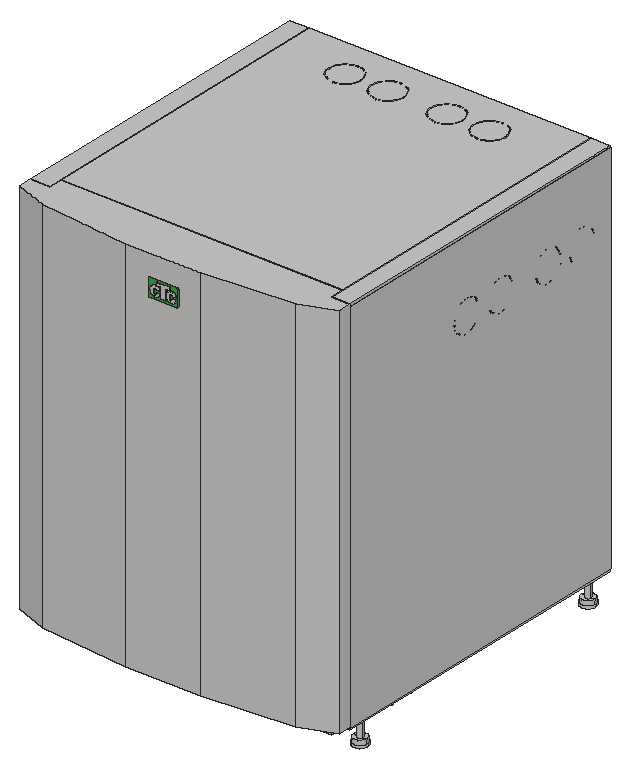
Revit family "HVAC_Heaters_Enertech_CTC-EcoPart-600M", category Specialty Equipment, Revit 2017
Family settings
  Round Connector Dimension = Use Diameter
  Part Type = Normal
  OmniClass Number = 23.75.00.00
  OmniClass Title = Climate Control (HVAC)
  Work Plane-Based = No
  Always vertical = No
  Cut with Voids When Loaded = No
  Shared = No
  Room Calculation Point = No
Parameters (values of type "EcoPart 612M - 400V3N")
  Weight = "170 kg"
  WaterVolumeWaterSuply = "N/A"
  WaterVolumeHeathingSystem = "4.1 liters"
  WarrantyStartDate [instance] = "n/a"
  WarrantyGuarantorParts = "n/a"
  WarrantyGuarantorLabor = "n/a"
  WarrantyDurationUnit = "Year"
  WarrantyDurationParts = "n/a"
  WarrantyDurationLabor = "n/a"
  WarrantyDescription = "n/a"
  VersionDate = "10/11/2020"  # constant formula
  Version = "1"  # constant formula
  UsageCurrent = 0 A
  Uniclass2015Reference = "Pr_40_70_65"
  Uniclass2015Description = "Preparation catering equipment"
  Uniclass2 = "Pr_40_70_65"
  URL = "https://ctc-heating.com/products/ground-source-heating"
  UNSPSCCode = "40101806"
  Type Comments = ""
  Touchscreen = "no"
  TagNumber [instance] = "n/a"
  SustainabilityPerformance = "n/a"
  Status = "n/a"
  SpecifiedOutput = "7.1 kW"
  SoundPowerLWA = "39 dB"
  Sound pressureLPA 5m = "N/A"
  Sound pressureLPA 1m = "34 dB"
  Sound pressureLPA 10m = "N/A"
  Size = "673x596x775 mm"
  Shape = "Rectangular"
  SerialNumber [instance] = "7310 xxxx xxxx"
  SEERWarm = "N/A"
  SEERModerate = "N/A"
  SEERCold = "N/A"
  SCOPWarm = "5.2"
  SCOPModerate = "5.4"
  SCOPCold = "5.5"
  Revision = "1"  # constant formula
  ReplacementCost = "n/a"
  RefrigerantType = "R407C "
  RefrigerantQuantity = "2.4 kg"
  ReferenceAirFlowRate = "N/A"
  Reference = "n/a"
  RatedVoltage = 1200 V
  RatedHeatOutputModerate = "10"
  RatedCurrent = 11.9 A
  PumpMainMaterial = Stainless Steel
  ProductInformation = "The CTC EcoPart 600M is speed-controlled, compact geothermal heat pumps without control and hot water preparation. To fit most properties, the CTC EcoPart 600M is available in two models: 612M with a power range of 2.5-12 kW and 616M of 4-16 kW."
  Product data url = "http://bimobject.com/enertech/product/ep-616m"
  PowerFactor = 0 W
  PhaseReference = "n/a"
  PhaseAngle = 0.00°
  OutputRangeIimmersionHeater = "N/A"
  OutputRange = "2.5 - 12 kW"
  NumberOfPoles = 3
  NominalWidth = 596 mm
  NominalVoltage = 400 V
  NominalHeight = 775 mm
  NominalFrequencyRange = 50 Hz
  NominalDepth = 673 mm
  NominalCurrent = 0 A
  Name = "CTC-EcoPart-616M"  # constant formula
  NBSReference = "90-40-40/320"
  NBSDescription = "Air to water heat pumps"
  ModelReference = "n/a"
  ModelNumber = "588600001"
  MinimumCeilingHeight = "N/A"
  MaxStartingCurrent = "2.3 A"
  MaxOperatingPressureThermalStore = "3 bar"
  MaxOperatingPressureHotWater = "N/A"
  MaxAirFlowRate = "N/A"
  Material = "Steel/copper"
  ManufacturerURL = "https://ctc.se/"
  ManufacturerName = "Enertech AB"
  Model = "CTC EcoPart 612M"
  ManufacturerCountry = "Sweden"
  Manufacturer = "Enertech AB"
  InsulationStandardClass = "n/a"
  InstallationDate [instance] = "n/a"
  InPutPower = "1.27 kW"
  IfcExportType = "HEATER"  # constant formula
  IfcExportAs = "IfcElectricalDeviceCommon"  # constant formula
  IP_Code = "IP X1"
  HotTapWaterPerformance = "N/A"
  HasProtectiveEarth = yes
  GroupFuse = "13 A"
  Grade = "n/a"
  Finish = "n/a"
  Features = "n/a"
  ExpectedLife = "n/a"
  EnergyClass_HotWater_TapProfile = "N/A"
  EnergyClassHeatingWithoutControl = "A+++ / A+++"
  EnergyClassHeatingWithControl = "A+++ / A+++"
  EANNumber = "7333077091736"
  DurationUnit = "Year"
  Description = "The CTC EcoPart 600M is speed-controlled, compact geothermal heat pumps without control and hot water preparation. To fit most properties, the CTC EcoPart 600M is available in two models: 612M with a power range of 2.5-12 kW and 616M of 4-16 kW."
  Cost = 0
  ConvergoRefNr = "0091-1910-0002-SE"
  Constituents = "n/a"
  ConductorFunction = "n/a"
  Color = "white"
  CodePerformance = "n/a"
  Capacity = "Variable"
  COP = "4.78"
  CO2Equivalent = "4.258  tonnes"
  BrineSystem_Min_MaxPressure = "0.2 - 3.0 bar"
  Barcode [instance] = "n/a"
  AssetIdentifier [instance] = "n/a"
  Category = "Heat pumps, Geothermal"
  Brand = "CTC"
  BIMObjectName = "HVAC_Heaters_Enertech_CTC-EcoPart-600M"  # constant formula
  Author = "Convergo AB"  # constant formula
  AssetType = "Fixed"
  Artikel nr. = ""
  AirFlow = "N/A"
  Accessories = ""
  AccessibilityPerformance = "n/a"
Reference planes
  plane 1 "Center (Front/Back)": y = 0
  plane 2: z = 0
  plane 3 "Center (Left/Right)": x = 0
  plane 4: z = 760
  plane 5: y = 336.5
  plane 6: y = -336.5
  plane 7: x = -300
  plane 8: x = 300
Forms (mm)
  Extrusion 1, solid, material "Stainless Steel" <- "PumpMainMaterial", detail levels medium+fine
    sketch origin (0, 0, 0) x (1, 0, 0) y (0, 1, 0)
      loop
        line (-298, -272.514) -> (-298, -297.436) -> (-235.78, -322.165) -> (-70, -335) -> (70, -335) -> (235.78, -322.165) -> (298, -297.436) -> (298, -272.514) -> (263, -272.514) -> (263, -246.514) -> (-263, -246.514) -> (-263, -272.514) -> (-298, -272.514)
    from 760 to 52.5
  Extrusion 2, solid, material "Stainless Steel" <- "PumpMainMaterial", detail levels medium+fine
    sketch origin (0, 0, 0) x (1, 0, 0) y (0, 1, 0)
      loop
        line (-263, -246.514) -> (263, -246.514) -> (263, 332.5) -> (-263, 332.5) -> (-263, -246.514)
      loop
        line (261, 330.5) -> (-261, 330.5) -> (-261, -244.514) -> (261, -244.514) -> (261, 330.5)
    from 757 to 52.5
  Extrusion 3, solid, material "Stainless Steel" <- "PumpMainMaterial", detail levels medium+fine
    sketch origin (0, 0, 0) x (1, 0, 0) y (0, 1, 0)
      loop
        line (-263, 332.5) -> (-263, -246.514) -> (263, -246.514) -> (263, 332.5) -> (-263, 332.5)
    from 760 to 757
  Extrusion 4, solid, material "Stainless Steel" <- "PumpMainMaterial", detail levels medium+fine
    sketch origin (0, 0, 0) x (1, 0, 0) y (0, 1, 0)
      loop
        line (-300, -272.514) -> (-265, -272.514) -> (-265, 332.5) -> (-300, 332.5) -> (-300, -272.514)
      loop
        line (-267, 330.5) -> (-298, 330.5) -> (-298, -270.514) -> (-267, -270.514) -> (-267, 330.5)
      loop
        line (300, -272.514) -> (300, 332.5) -> (265, 332.5) -> (265, -272.514) -> (300, -272.514)
      loop
        line (267, 330.5) -> (267, -270.514) -> (298, -270.514) -> (298, 330.5) -> (267, 330.5)
    from 52.5 to 757
  Extrusion 5, solid, material "Stainless Steel" <- "PumpMainMaterial", detail levels medium+fine
    sketch origin (0, 0, 0) x (1, 0, 0) y (0, 1, 0)
      loop
        line (-298, -272.514) -> (-263, -272.514) -> (-263, 332.5) -> (-298, 332.5) -> (-298, -272.514)
      loop
        line (298, -272.514) -> (298, 332.5) -> (263, 332.5) -> (263, -272.514) -> (298, -272.514)
    from 757 to 760
  Extrusion 6, solid, material "Stainless Steel" <- "PumpMainMaterial", detail levels medium+fine
    sketch origin (0, 0, 0) x (1, 0, 0) y (0, 0, 1)
      loop
        line (-298, 52.518) -> (-298, 47.518) -> (-263, 47.518) -> (-263, 28) -> (263, 28) -> (263, 47.518) -> (298, 47.518) -> (298, 52.518) -> (-298, 52.518)
    from -332.5 to 272.514
  Extrusion 7, void
    sketch origin (0, 0, 0) x (1, 0, 0) y (0, 1, 0)
      loop
        arc (-135.992, 287.517) -> (-156.547, 278.605) -> (-165.459, 258.05) r 30.484
        line (-165.459, 258.05) -> (-163.458, 258.05)
        arc (-163.458, 258.05) -> (-155.133, 277.191) -> (-135.992, 285.516) r 28.484
        line (-135.992, 285.516) -> (-135.992, 287.517)
      loop
        line (-133.992, 287.517) -> (-133.992, 285.516)
        arc (-133.992, 285.516) -> (-114.851, 277.191) -> (-106.526, 258.05) r 28.484
        line (-106.526, 258.05) -> (-104.525, 258.05)
        arc (-104.525, 258.05) -> (-113.437, 278.605) -> (-133.992, 287.517) r 30.484
      loop
        arc (-165.459, 256.05) -> (-156.547, 235.495) -> (-135.992, 226.583) r 30.484
        line (-135.992, 226.583) -> (-135.992, 228.584)
        arc (-135.992, 228.584) -> (-155.133, 236.909) -> (-163.458, 256.05) r 28.484
        line (-163.458, 256.05) -> (-165.459, 256.05)
      loop
        line (-133.992, 228.584) -> (-133.992, 226.583)
        arc (-133.992, 226.583) -> (-113.437, 235.495) -> (-104.525, 256.05) r 30.484
        line (-104.525, 256.05) -> (-106.526, 256.05)
        arc (-106.526, 256.05) -> (-114.851, 236.909) -> (-133.992, 228.584) r 28.484
      loop
        arc (-55.992, 287.517) -> (-76.547, 278.605) -> (-85.459, 258.05) r 30.484
        line (-85.459, 258.05) -> (-83.458, 258.05)
        arc (-83.458, 258.05) -> (-75.133, 277.191) -> (-55.992, 285.516) r 28.484
        line (-55.992, 285.516) -> (-55.992, 287.517)
      loop
        line (-53.992, 287.517) -> (-53.992, 285.516)
        arc (-53.992, 285.516) -> (-34.851, 277.191) -> (-26.526, 258.05) r 28.484
        line (-26.526, 258.05) -> (-24.525, 258.05)
        arc (-24.525, 258.05) -> (-33.437, 278.605) -> (-53.992, 287.517) r 30.484
      loop
        arc (-85.459, 256.05) -> (-76.547, 235.495) -> (-55.992, 226.583) r 30.484
        line (-55.992, 226.583) -> (-55.992, 228.584)
        arc (-55.992, 228.584) -> (-75.133, 236.909) -> (-83.458, 256.05) r 28.484
        line (-83.458, 256.05) -> (-85.459, 256.05)
      loop
        line (-53.992, 228.584) -> (-53.992, 226.583)
        arc (-53.992, 226.583) -> (-33.437, 235.495) -> (-24.525, 256.05) r 30.484
        line (-24.525, 256.05) -> (-26.526, 256.05)
        arc (-26.526, 256.05) -> (-34.851, 236.909) -> (-53.992, 228.584) r 28.484
      loop
        line (135.992, 287.517) -> (135.992, 285.516)
        arc (135.992, 285.516) -> (155.133, 277.191) -> (163.458, 258.05) r 28.484
        line (163.458, 258.05) -> (165.459, 258.05)
        arc (165.459, 258.05) -> (156.547, 278.605) -> (135.992, 287.517) r 30.484
      loop
        arc (133.992, 287.517) -> (113.437, 278.605) -> (104.525, 258.05) r 30.484
        line (104.525, 258.05) -> (106.526, 258.05)
        arc (106.526, 258.05) -> (114.851, 277.191) -> (133.992, 285.516) r 28.484
        line (133.992, 285.516) -> (133.992, 287.517)
      loop
        line (165.459, 256.05) -> (163.458, 256.05)
        arc (163.458, 256.05) -> (155.133, 236.909) -> (135.992, 228.584) r 28.484
        line (135.992, 228.584) -> (135.992, 226.583)
        arc (135.992, 226.583) -> (156.547, 235.495) -> (165.459, 256.05) r 30.484
      loop
        arc (133.992, 228.584) -> (114.851, 236.909) -> (106.526, 256.05) r 28.484
        line (106.526, 256.05) -> (104.525, 256.05)
        arc (104.525, 256.05) -> (113.437, 235.495) -> (133.992, 226.583) r 30.484
        line (133.992, 226.583) -> (133.992, 228.584)
      loop
        line (55.992, 287.517) -> (55.992, 285.516)
        arc (55.992, 285.516) -> (75.133, 277.191) -> (83.458, 258.05) r 28.484
        line (83.458, 258.05) -> (85.459, 258.05)
        arc (85.459, 258.05) -> (76.547, 278.605) -> (55.992, 287.517) r 30.484
      loop
        arc (53.992, 287.517) -> (33.437, 278.605) -> (24.525, 258.05) r 30.484
        line (24.525, 258.05) -> (26.526, 258.05)
        arc (26.526, 258.05) -> (34.851, 277.191) -> (53.992, 285.516) r 28.484
        line (53.992, 285.516) -> (53.992, 287.517)
      loop
        line (85.459, 256.05) -> (83.458, 256.05)
        arc (83.458, 256.05) -> (75.133, 236.909) -> (55.992, 228.584) r 28.484
        line (55.992, 228.584) -> (55.992, 226.583)
        arc (55.992, 226.583) -> (76.547, 235.495) -> (85.459, 256.05) r 30.484
      loop
        arc (53.992, 228.584) -> (34.851, 236.909) -> (26.526, 256.05) r 28.484
        line (26.526, 256.05) -> (24.525, 256.05)
        arc (24.525, 256.05) -> (33.437, 235.495) -> (53.992, 226.583) r 30.484
        line (53.992, 226.583) -> (53.992, 228.584)
    from 750 to 770
  Extrusion 8, void
    sketch origin (0, 0, 0) x (0, 1, 0) y (0, 0, 1)
      loop
        line (266.984, 653.467) -> (266.984, 651.466)
        arc (266.984, 651.466) -> (286.125, 643.141) -> (294.45, 624) r 28.484
        line (294.45, 624) -> (296.451, 624)
        arc (296.451, 624) -> (287.539, 644.555) -> (266.984, 653.467) r 30.484
      loop
        arc (264.984, 653.467) -> (244.428, 644.555) -> (235.516, 624) r 30.484
        line (235.516, 624) -> (237.518, 624)
        arc (237.518, 624) -> (245.843, 643.141) -> (264.984, 651.466) r 28.484
        line (264.984, 651.466) -> (264.984, 653.467)
      loop
        line (296.451, 622) -> (294.45, 622)
        arc (294.45, 622) -> (286.125, 602.859) -> (266.984, 594.534) r 28.484
        line (266.984, 594.534) -> (266.984, 592.533)
        arc (266.984, 592.533) -> (287.539, 601.445) -> (296.451, 622) r 30.484
      loop
        arc (264.984, 594.534) -> (245.843, 602.859) -> (237.518, 622) r 28.484
        line (237.518, 622) -> (235.516, 622)
        arc (235.516, 622) -> (244.428, 601.445) -> (264.984, 592.533) r 30.484
        line (264.984, 592.533) -> (264.984, 594.534)
      loop
        line (186.984, 653.467) -> (186.984, 651.466)
        arc (186.984, 651.466) -> (206.125, 643.141) -> (214.45, 624) r 28.484
        line (214.45, 624) -> (216.451, 624)
        arc (216.451, 624) -> (207.539, 644.555) -> (186.984, 653.467) r 30.484
      loop
        arc (184.984, 653.467) -> (164.428, 644.555) -> (155.516, 624) r 30.484
        line (155.516, 624) -> (157.518, 624)
        arc (157.518, 624) -> (165.843, 643.141) -> (184.984, 651.466) r 28.484
        line (184.984, 651.466) -> (184.984, 653.467)
      loop
        line (216.451, 622) -> (214.45, 622)
        arc (214.45, 622) -> (206.125, 602.859) -> (186.984, 594.534) r 28.484
        line (186.984, 594.534) -> (186.984, 592.533)
        arc (186.984, 592.533) -> (207.539, 601.445) -> (216.451, 622) r 30.484
      loop
        arc (184.984, 594.534) -> (165.843, 602.859) -> (157.518, 622) r 28.484
        line (157.518, 622) -> (155.516, 622)
        arc (155.516, 622) -> (164.428, 601.445) -> (184.984, 592.533) r 30.484
        line (184.984, 592.533) -> (184.984, 594.534)
      loop
        arc (-5, 653.467) -> (-25.555, 644.555) -> (-34.467, 624) r 30.484
        line (-34.467, 624) -> (-32.466, 624)
        arc (-32.466, 624) -> (-24.141, 643.141) -> (-5, 651.466) r 28.484
        line (-5, 651.466) -> (-5, 653.467)
      loop
        line (-3, 653.467) -> (-3, 651.466)
        arc (-3, 651.466) -> (16.141, 643.141) -> (24.466, 624) r 28.484
        line (24.466, 624) -> (26.467, 624)
        arc (26.467, 624) -> (17.555, 644.555) -> (-3, 653.467) r 30.484
      loop
        arc (-34.467, 622) -> (-25.555, 601.445) -> (-5, 592.533) r 30.484
        line (-5, 592.533) -> (-5, 594.534)
        arc (-5, 594.534) -> (-24.141, 602.859) -> (-32.466, 622) r 28.484
        line (-32.466, 622) -> (-34.467, 622)
      loop
        line (-3, 594.534) -> (-3, 592.533)
        arc (-3, 592.533) -> (17.555, 601.445) -> (26.467, 622) r 30.484
        line (26.467, 622) -> (24.466, 622)
        arc (24.466, 622) -> (16.141, 602.859) -> (-3, 594.534) r 28.484
      loop
        arc (75, 653.467) -> (54.445, 644.555) -> (45.533, 624) r 30.484
        line (45.533, 624) -> (47.534, 624)
        arc (47.534, 624) -> (55.859, 643.141) -> (75, 651.466) r 28.484
        line (75, 651.466) -> (75, 653.467)
      loop
        line (77, 653.467) -> (77, 651.466)
        arc (77, 651.466) -> (96.141, 643.141) -> (104.466, 624) r 28.484
        line (104.466, 624) -> (106.467, 624)
        arc (106.467, 624) -> (97.555, 644.555) -> (77, 653.467) r 30.484
      loop
        arc (45.533, 622) -> (54.445, 601.445) -> (75, 592.533) r 30.484
        line (75, 592.533) -> (75, 594.534)
        arc (75, 594.534) -> (55.859, 602.859) -> (47.534, 622) r 28.484
        line (47.534, 622) -> (45.533, 622)
      loop
        line (77, 594.534) -> (77, 592.533)
        arc (77, 592.533) -> (97.555, 601.445) -> (106.467, 622) r 30.484
        line (106.467, 622) -> (104.466, 622)
        arc (104.466, 622) -> (96.141, 602.859) -> (77, 594.534) r 28.484
    from 424.394 to -413.715
  Extrusion 9, void
    sketch origin (0, 0, 0) x (1, 0, 0) y (0, 0, 1)
      loop
        line (135.984, 653.167) -> (135.984, 651.166)
        arc (135.984, 651.166) -> (155.125, 642.841) -> (163.45, 623.7) r 28.484
        line (163.45, 623.7) -> (165.451, 623.7)
        arc (165.451, 623.7) -> (156.539, 644.255) -> (135.984, 653.167) r 30.484
      loop
        arc (133.984, 653.167) -> (113.428, 644.255) -> (104.516, 623.7) r 30.484
        line (104.516, 623.7) -> (106.518, 623.7)
        arc (106.518, 623.7) -> (114.843, 642.841) -> (133.984, 651.166) r 28.484
        line (133.984, 651.166) -> (133.984, 653.167)
      loop
        line (165.451, 621.7) -> (163.45, 621.7)
        arc (163.45, 621.7) -> (155.125, 602.559) -> (135.984, 594.234) r 28.484
        line (135.984, 594.234) -> (135.984, 592.233)
        arc (135.984, 592.233) -> (156.539, 601.145) -> (165.451, 621.7) r 30.484
      loop
        arc (133.984, 594.234) -> (114.843, 602.559) -> (106.518, 621.7) r 28.484
        line (106.518, 621.7) -> (104.516, 621.7)
        arc (104.516, 621.7) -> (113.428, 601.145) -> (133.984, 592.233) r 30.484
        line (133.984, 592.233) -> (133.984, 594.234)
      loop
        line (55.984, 653.167) -> (55.984, 651.166)
        arc (55.984, 651.166) -> (75.125, 642.841) -> (83.45, 623.7) r 28.484
        line (83.45, 623.7) -> (85.451, 623.7)
        arc (85.451, 623.7) -> (76.539, 644.255) -> (55.984, 653.167) r 30.484
      loop
        arc (53.984, 653.167) -> (33.428, 644.255) -> (24.516, 623.7) r 30.484
        line (24.516, 623.7) -> (26.518, 623.7)
        arc (26.518, 623.7) -> (34.843, 642.841) -> (53.984, 651.166) r 28.484
        line (53.984, 651.166) -> (53.984, 653.167)
      loop
        line (85.451, 621.7) -> (83.45, 621.7)
        arc (83.45, 621.7) -> (75.125, 602.559) -> (55.984, 594.234) r 28.484
        line (55.984, 594.234) -> (55.984, 592.233)
        arc (55.984, 592.233) -> (76.539, 601.145) -> (85.451, 621.7) r 30.484
      loop
        arc (53.984, 594.234) -> (34.843, 602.559) -> (26.518, 621.7) r 28.484
        line (26.518, 621.7) -> (24.516, 621.7)
        arc (24.516, 621.7) -> (33.428, 601.145) -> (53.984, 592.233) r 30.484
        line (53.984, 592.233) -> (53.984, 594.234)
      loop
        arc (-136, 653.167) -> (-156.555, 644.255) -> (-165.467, 623.7) r 30.484
        line (-165.467, 623.7) -> (-163.466, 623.7)
        arc (-163.466, 623.7) -> (-155.141, 642.841) -> (-136, 651.166) r 28.484
        line (-136, 651.166) -> (-136, 653.167)
      loop
        line (-134, 653.167) -> (-134, 651.166)
        arc (-134, 651.166) -> (-114.859, 642.841) -> (-106.534, 623.7) r 28.484
        line (-106.534, 623.7) -> (-104.533, 623.7)
        arc (-104.533, 623.7) -> (-113.445, 644.255) -> (-134, 653.167) r 30.484
      loop
        arc (-165.467, 621.7) -> (-156.555, 601.145) -> (-136, 592.233) r 30.484
        line (-136, 592.233) -> (-136, 594.234)
        arc (-136, 594.234) -> (-155.141, 602.559) -> (-163.466, 621.7) r 28.484
        line (-163.466, 621.7) -> (-165.467, 621.7)
      loop
        line (-134, 594.234) -> (-134, 592.233)
        arc (-134, 592.233) -> (-113.445, 601.145) -> (-104.533, 621.7) r 30.484
        line (-104.533, 621.7) -> (-106.534, 621.7)
        arc (-106.534, 621.7) -> (-114.859, 602.559) -> (-134, 594.234) r 28.484
      loop
        arc (-56, 653.167) -> (-76.555, 644.255) -> (-85.467, 623.7) r 30.484
        line (-85.467, 623.7) -> (-83.466, 623.7)
        arc (-83.466, 623.7) -> (-75.141, 642.841) -> (-56, 651.166) r 28.484
        line (-56, 651.166) -> (-56, 653.167)
      loop
        line (-54, 653.167) -> (-54, 651.166)
        arc (-54, 651.166) -> (-34.859, 642.841) -> (-26.534, 623.7) r 28.484
        line (-26.534, 623.7) -> (-24.533, 623.7)
        arc (-24.533, 623.7) -> (-33.445, 644.255) -> (-54, 653.167) r 30.484
      loop
        arc (-85.467, 621.7) -> (-76.555, 601.145) -> (-56, 592.233) r 30.484
        line (-56, 592.233) -> (-56, 594.234)
        arc (-56, 594.234) -> (-75.141, 602.559) -> (-83.466, 621.7) r 28.484
        line (-83.466, 621.7) -> (-85.467, 621.7)
      loop
        line (-54, 594.234) -> (-54, 592.233)
        arc (-54, 592.233) -> (-33.445, 601.145) -> (-24.533, 621.7) r 30.484
        line (-24.533, 621.7) -> (-26.534, 621.7)
        arc (-26.534, 621.7) -> (-34.859, 602.559) -> (-54, 594.234) r 28.484
    from -303.059 to -336
  Extrusion 10, solid, material "Stainless Steel" <- "PumpMainMaterial", detail levels medium+fine
    sketch origin (-2, -3.5, 0) x (1, 0, 0) y (0, 0, 1)
      loop
        circle (-280.5, 727) r 14
      loop
        circle (-280.5, 727) r 12.4
      loop
        circle (284.5, 727) r 14
      loop
        circle (284.5, 727) r 12.4
    from -336 to -340
  Extrusion 11, solid, material "Stainless Steel" <- "PumpMainMaterial", detail levels medium+fine
    sketch origin (0, 0, 0) x (0, 1, 0) y (0, 0, 1)
      loop
        line (-117.429, 26) -> (-99.086, 26)
        arc (-99.086, 26) -> (-98.32, 25.848) -> (-97.671, 25.414) r 2
        line (-97.671, 25.414) -> (-89.085, 16.828)
        arc (-89.085, 16.828) -> (-86.256, 15.656) -> (-83.428, 16.828) r 4
        line (-83.428, 16.828) -> (-75.261, 24.995) -> (-76.675, 26.409) -> (-84.842, 18.242)
        arc (-84.842, 18.242) -> (-86.256, 17.656) -> (-87.671, 18.242) r 2
        line (-87.671, 18.242) -> (-96.257, 26.828)
        arc (-96.257, 26.828) -> (-97.555, 27.696) -> (-99.086, 28) r 4
        line (-99.086, 28) -> (-117.429, 28)
        arc (-117.429, 28) -> (-118.96, 27.696) -> (-120.257, 26.828) r 4
        line (-120.257, 26.828) -> (-128.844, 18.242)
        arc (-128.844, 18.242) -> (-130.258, 17.656) -> (-131.672, 18.242) r 2
        line (-131.672, 18.242) -> (-139.839, 26.409) -> (-141.253, 24.995) -> (-133.086, 16.828)
        arc (-133.086, 16.828) -> (-130.258, 15.656) -> (-127.429, 16.828) r 4
        line (-127.429, 16.828) -> (-118.843, 25.414)
        arc (-118.843, 25.414) -> (-118.194, 25.848) -> (-117.429, 26) r 2
      loop
        arc (180.914, 26) -> (181.68, 25.848) -> (182.329, 25.414) r 2
        line (182.329, 25.414) -> (190.915, 16.828)
        arc (190.915, 16.828) -> (193.744, 15.656) -> (196.572, 16.828) r 4
        line (196.572, 16.828) -> (204.739, 24.995) -> (203.325, 26.409) -> (195.158, 18.242)
        arc (195.158, 18.242) -> (193.744, 17.656) -> (192.329, 18.242) r 2
        line (192.329, 18.242) -> (183.743, 26.828)
        arc (183.743, 26.828) -> (182.445, 27.696) -> (180.914, 28) r 4
        line (180.914, 28) -> (162.571, 28)
        arc (162.571, 28) -> (161.04, 27.696) -> (159.743, 26.828) r 4
        line (159.743, 26.828) -> (151.156, 18.242)
        arc (151.156, 18.242) -> (149.742, 17.656) -> (148.328, 18.242) r 2
        line (148.328, 18.242) -> (140.161, 26.409) -> (138.747, 24.995) -> (146.914, 16.828)
        arc (146.914, 16.828) -> (149.742, 15.656) -> (152.571, 16.828) r 4
        line (152.571, 16.828) -> (161.157, 25.414)
        arc (161.157, 25.414) -> (161.806, 25.848) -> (162.571, 26) r 2
        line (162.571, 26) -> (180.914, 26)
    from 263 to -263
  Revolve 12, solid, material "Stainless Steel" <- "PumpMainMaterial", detail levels medium+fine
    sketch origin (-2, 303.895, 0) x (1, 0, 0) y (0, 0, 1)
      loop
        line (-279.5, 12) -> (-279.5, 0) -> (-265.125, 0) -> (-265.125, 4) -> (-267.125, 4) -> (-267.125, 12) -> (-279.5, 12)
      axis (-279.5, 12) -> (-279.5, 0)
    angle from 0 to 360
  Revolve 13, solid, material "Stainless Steel" <- "PumpMainMaterial", detail levels medium+fine
    sketch origin (2, 303.895, 0) x (-1, 0, 0) y (0, 0, 1)
      loop
        line (-279.5, 12) -> (-279.5, 0) -> (-265.125, 0) -> (-265.125, 4) -> (-267.125, 4) -> (-267.125, 12) -> (-279.5, 12)
      axis (-279.5, 12) -> (-279.5, 0)
    angle from 0 to 360
  Revolve 14, solid, material "Stainless Steel" <- "PumpMainMaterial", detail levels medium+fine
    sketch origin (-2, -228.139, 0) x (1, 0, 0) y (0, 0, 1)
      loop
        line (-279.5, 12) -> (-279.5, 0) -> (-265.125, 0) -> (-265.125, 4) -> (-267.125, 4) -> (-267.125, 12) -> (-279.5, 12)
      axis (-279.5, 12) -> (-279.5, 0)
    angle from 0 to 360
  Revolve 15, solid, material "Stainless Steel" <- "PumpMainMaterial", detail levels medium+fine
    sketch origin (2, -228.139, 0) x (-1, 0, 0) y (0, 0, 1)
      loop
        line (-279.5, 12) -> (-279.5, 0) -> (-265.125, 0) -> (-265.125, 4) -> (-267.125, 4) -> (-267.125, 12) -> (-279.5, 12)
      axis (-279.5, 12) -> (-279.5, 0)
    angle from 0 to 360
  Extrusion 16, solid, material "Stainless Steel" <- "PumpMainMaterial", detail levels medium+fine
    sketch origin (0, 0, 0) x (1, 0, 0) y (0, 1, 0)
      loop
        circle (-281.5, 303.895) r 5
      loop
        circle (-281.5, -228.139) r 5
      loop
        circle (281.5, 303.895) r 5
      loop
        circle (281.5, -228.139) r 5
    from 47.518 to 12
  Extrusion 17, solid, material "Green", detail levels medium+fine
    sketch origin (0, 0, 33) x (1, 0, 0) y (0, 0, 1)
      loop
        arc (-25.5, 686.518) -> (-26.914, 685.932) -> (-27.5, 684.518) r 2
        line (-27.5, 684.518) -> (-27.5, 655.518)
        arc (-27.5, 655.518) -> (-26.914, 654.103) -> (-25.5, 653.518) r 2
        line (-25.5, 653.518) -> (25.5, 653.518)
        arc (25.5, 653.518) -> (26.914, 654.103) -> (27.5, 655.518) r 2
        line (27.5, 655.518) -> (27.5, 684.518)
        arc (27.5, 684.518) -> (26.914, 685.932) -> (25.5, 686.518) r 2
        line (25.5, 686.518) -> (-25.5, 686.518)
    from 335.5 to 335
  Extrusion 18, solid, material "Stainless Steel" <- "PumpMainMaterial", detail levels medium+fine
    sketch origin (0, 0, 0) x (1, 0, 0) y (0, 0, 1)
      loop
        line (3.815, 710.351) -> (11.698, 710.357) -> (11.698, 715.677) -> (-11.698, 715.677) -> (-11.698, 710.336) -> (-3.818, 710.344) -> (-3.81, 690.398) -> (3.815, 690.398) -> (3.815, 710.351)
      loop
        spline (24.54, 702.497) -> (22.341, 706.572) -> (18.495, 709.152) -> (13.888, 709.644) -> (9.584, 707.934) -> (6.572, 704.417) -> (5.548, 699.902) -> (6.747, 695.43) -> (9.893, 692.032) -> (14.261, 690.49) -> (18.844, 691.161) -> (22.587, 693.888) -> (24.627, 698.045)
        line (24.627, 698.045) -> (18.433, 698.045)
        spline (18.433, 698.045) -> (17.635, 695.915) -> (16.341, 694.569) -> (14.815, 694.279) -> (13.364, 695.105) -> (12.285, 696.88) -> (11.795, 699.242) -> (11.994, 701.714) -> (12.842, 703.793) -> (14.166, 705.058) -> (15.698, 705.253) -> (17.128, 704.337) -> (18.165, 702.497)
        line (18.165, 702.497) -> (24.54, 702.497)
      loop
        spline (-5.46, 702.497) -> (-7.659, 706.572) -> (-11.505, 709.152) -> (-16.112, 709.644) -> (-20.416, 707.934) -> (-23.428, 704.417) -> (-24.452, 699.902) -> (-23.253, 695.43) -> (-20.107, 692.032) -> (-15.739, 690.49) -> (-11.156, 691.161) -> (-7.413, 693.888) -> (-5.373, 698.045)
        line (-5.373, 698.045) -> (-11.567, 698.045)
        spline (-11.567, 698.045) -> (-12.365, 695.915) -> (-13.659, 694.569) -> (-15.185, 694.279) -> (-16.636, 695.105) -> (-17.715, 696.88) -> (-18.205, 699.242) -> (-18.006, 701.714) -> (-17.158, 703.793) -> (-15.834, 705.058) -> (-14.302, 705.253) -> (-12.872, 704.337) -> (-11.835, 702.497)
        line (-11.835, 702.497) -> (-5.46, 702.497)
    from 336 to 335.5
  Extrusion 19, solid, material "Stainless Steel" <- "PumpMainMaterial", detail levels coarse
    sketch origin (0, 0, 0) x (1, 0, 0) y (0, 1, 0)
      loop
        line (-300, -336) -> (300, -336) -> (300, 336.5) -> (-300, 336.5) -> (-300, -336)
    from 760 to 0
  Extrusion 20, solid, detail levels medium+fine
    sketch origin (0, 0, 257) x (1, 0, 0) y (0, 1, 0)
      loop
        circle (-134.992, 257.05) r 28.484
      loop
        circle (-54.992, 257.05) r 28.484
      loop
        circle (54.992, 257.05) r 28.484
      loop
        circle (134.992, 257.05) r 28.484
    from 499 to 500
  Extrusion 21, solid, detail levels medium+fine
    sketch origin (0, -2, 0) x (1, 0, 0) y (0, 0, 1)
      loop
        circle (134.984, 622.7) r 28.484
      loop
        circle (54.984, 622.7) r 28.484
      loop
        circle (-55, 622.7) r 28.484
      loop
        circle (-135, 622.7) r 28.484
    from -331.5 to -332.5
  Extrusion 22, solid, detail levels fine
    sketch origin (0, 0, 0) x (0, 1, 0) y (0, 0, 1)
      loop
        circle (265.984, 623) r 28.484
      loop
        circle (185.984, 623) r 28.484
      loop
        circle (76, 623) r 28.484
      loop
        circle (-4, 623) r 28.484
    from -297 to -298
  Extrusion 23, solid, detail levels fine
    sketch origin (0, 0, 0) x (0, 1, 0) y (0, 0, -1)
      loop
        circle (265.984, -623) r 28.484
      loop
        circle (185.984, -623) r 28.484
      loop
        circle (76, -623) r 28.484
      loop
        circle (-4, -623) r 28.484
    from -297 to -298
Cuts and joins
  Extrusion 8 cuts Extrusion 4
  Extrusion 8 cuts Extrusion 5
  joined: Extrusion 4, Extrusion 5
  Extrusion 7, Extrusion 8, Extrusion 9 cuts Extrusion 2
  Extrusion 7, Extrusion 8, Extrusion 9 cuts Extrusion 3
  joined: Extrusion 2, Extrusion 3
  Extrusion 9 cuts Extrusion 1
Lines and regions (mm)
  symbolic lines, detail levels medium+fine
    curve 1: line (-296.5, 332.5, 0) -> (-296.5, 336.5, 0)
    curve 2: line (-296.5, 336.5, 0) -> (-268.5, 336.5, 0)
    curve 3: line (-268.5, 336.5, 0) -> (-268.5, 332.5, 0)
    curve 4: line (296.5, 332.5, 0) -> (296.5, 336.5, 0)
    curve 5: line (296.5, 336.5, 0) -> (268.5, 336.5, 0)
    curve 6: line (268.5, 336.5, 0) -> (268.5, 332.5, 0)
    curve 7: line (300, 332.5, 0) -> (296.5, 332.5, 0)
    curve 8: line (268.5, 332.5, 0) -> (-268.5, 332.5, 0)
    curve 9: line (-296.5, 332.5, 0) -> (-300, 332.5, 0)
    curve 10: line (-300, 332.5, 0) -> (-300, -297.436, 0)
    curve 11: line (-300, -297.436, 0) -> (-238.264, -321.973, 0)
    curve 12: line (-238.264, -321.973, 0) -> (-57.083, -336, 0)
    curve 13: line (57.083, -336, 0) -> (238.264, -321.973, 0)
    curve 14: line (238.264, -321.973, 0) -> (300, -297.436, 0)
    curve 15: line (300, -297.436, 0) -> (300, 332.5, 0)
    curve 16: line (-57.083, -336, 0) -> (57.083, -336, 0)
    curve 88: line (300, 0, 760) -> (-300, 0, 760)
    curve 89: line (-300, 0, 760) -> (-300, 0, 47.518)
    curve 90: line (-300, 0, 47.518) -> (-284.5, 0, 47.518)
    curve 91: line (-284.5, 0, 47.518) -> (-284.5, 0, 12)
    curve 92: line (-284.5, 0, 12) -> (-291.875, 0, 12)
    curve 93: line (-291.875, 0, 12) -> (-291.875, 0, 4)
    curve 95: line (-293.875, 0, 4) -> (-293.875, 0, 0)
    curve 96: line (-293.875, 0, 0) -> (-265.125, 0, 0)
    curve 97: line (-265.125, 0, 0) -> (-265.125, 0, 4)
    curve 99: line (-267.125, 0, 4) -> (-267.125, 0, 12)
    curve 100: line (-267.125, 0, 12) -> (-274.5, 0, 12)
    curve 101: line (-274.5, 0, 12) -> (-274.5, 0, 47.518)
    curve 102: line (-274.5, 0, 47.518) -> (-263, 0, 47.518)
    curve 103: line (-263, 0, 47.518) -> (-263, 0, 28)
    curve 104: line (-263, 0, 28) -> (-255.5, 0, 28)
    curve 105: line (-255.5, 0, 28) -> (-255.5, 0, 15.656)
    curve 106: line (-255.5, 0, 15.656) -> (255.5, 0, 15.656)
    curve 107: line (255.5, 0, 15.656) -> (255.5, 0, 28)
    curve 108: line (255.5, 0, 28) -> (263, 0, 28)
    curve 109: line (263, 0, 28) -> (263, 0, 47.518)
    curve 110: line (263, 0, 47.518) -> (274.5, 0, 47.518)
    curve 111: line (274.5, 0, 47.518) -> (274.5, 0, 12)
    curve 112: line (274.5, 0, 12) -> (267.125, 0, 12)
    curve 113: line (267.125, 0, 12) -> (267.125, 0, 4)
    curve 114: line (267.125, 0, 4) -> (265.125, 0, 4)
    curve 115: line (265.125, 0, 4) -> (265.125, 0, 0)
    curve 116: line (265.125, 0, 0) -> (293.875, 0, 0)
    curve 117: line (293.875, 0, 0) -> (293.875, 0, 4)
    curve 118: line (293.875, 0, 4) -> (291.875, 0, 4)
    curve 119: line (291.875, 0, 4) -> (291.875, 0, 12)
    curve 120: line (291.875, 0, 12) -> (284.5, 0, 12)
    curve 121: line (284.5, 0, 12) -> (284.5, 0, 47.518)
    curve 122: line (284.5, 0, 47.518) -> (300, 0, 47.518)
    curve 123: line (300, 0, 47.518) -> (300, 0, 760)
    curve 162: line (0, 305.395, 12) -> (0, 305.395, 28)
    curve 163: line (0, 305.395, 28) -> (0, 332.5, 28)
    curve 164: line (0, 305.395, 12) -> (0, 312.77, 12)
    curve 165: line (0, 312.77, 12) -> (0, 312.77, 4)
    curve 166: line (0, 312.77, 4) -> (0, 314.77, 4)
    curve 167: line (0, 314.77, 4) -> (0, 314.77, 0)
    curve 168: line (0, 314.77, 0) -> (0, 286.02, 0)
    curve 169: line (0, 286.02, 0) -> (0, 286.02, 4)
    curve 170: line (0, 286.02, 4) -> (0, 288.02, 4)
    curve 171: line (0, 288.02, 4) -> (0, 288.02, 12)
    curve 172: line (0, 288.02, 12) -> (0, 295.395, 12)
    curve 173: line (0, 295.395, 12) -> (0, 295.395, 28)
    curve 174: line (0, -223.139, 12) -> (0, -223.139, 28)
    curve 175: line (0, -223.139, 28) -> (0, 295.395, 28)
    curve 176: line (0, -223.139, 12) -> (0, -215.764, 12)
    curve 177: line (0, -215.764, 12) -> (0, -215.764, 4)
    curve 178: line (0, -215.764, 4) -> (0, -213.764, 4)
    curve 179: line (0, -213.764, 4) -> (0, -213.764, 0)
    curve 180: line (0, -213.764, 0) -> (0, -242.514, 0)
    curve 181: line (0, -242.514, 0) -> (0, -242.514, 4)
    curve 182: line (0, -242.514, 4) -> (0, -240.514, 4)
    curve 183: line (0, -240.514, 4) -> (0, -240.514, 12)
    curve 184: line (0, -240.514, 12) -> (0, -233.139, 12)
    curve 185: line (0, -233.139, 12) -> (0, -233.139, 28)
    curve 186: line (0, -233.139, 28) -> (0, -272.514, 28)
    curve 187: line (0, -272.514, 28) -> (0, -272.514, 52.5)
    curve 188: line (0, -272.514, 52.5) -> (0, -336, 52.5)
    curve 189: line (0, -336, 52.5) -> (0, -336, 760)
    curve 191: line (0, 332.5, 760) -> (0, 332.5, 741)
    curve 192: line (0, 332.5, 741) -> (0, 336.5, 741)
    curve 193: line (0, 336.5, 741) -> (0, 336.5, 713)
    curve 194: line (0, 336.5, 713) -> (0, 332.5, 713)
    curve 195: line (0, 332.5, 713) -> (0, 332.5, 28)
  symbolic lines, detail levels fine
    curve 17: line (-300, -272.514, 0) -> (-265, -272.514, 0)
    curve 18: line (-265, -272.514, 0) -> (-265, 332.5, 0)
    curve 19: line (-268.5, 332.5, 0) -> (-296.5, 332.5, 0)
    curve 20: line (268.5, 332.5, 0) -> (296.5, 332.5, 0)
    curve 21: line (265, 332.5, 0) -> (265, -272.514, 0)
    curve 22: line (265, -272.514, 0) -> (300, -272.514, 0)
    curve 23: line (265, -246.514, 0) -> (-265, -246.514, 0)
    curve 24: arc (-135.992, 287.517, 0) -> (-156.547, 278.605, 0) -> (-165.459, 258.05, 0) r 30.484
    curve 25: arc (-163.458, 258.05, 0) -> (-155.133, 277.191, 0) -> (-135.992, 285.516, 0) r 28.484
    curve 26: arc (-133.992, 285.516, 0) -> (-114.851, 277.191, 0) -> (-106.526, 258.05, 0) r 28.484
    curve 27: arc (-104.525, 258.05, 0) -> (-113.437, 278.605, 0) -> (-133.992, 287.517, 0) r 30.484
    curve 28: arc (-133.992, 226.583, 0) -> (-113.437, 235.495, 0) -> (-104.525, 256.05, 0) r 30.484
    curve 29: arc (-106.526, 256.05, 0) -> (-114.851, 236.909, 0) -> (-133.992, 228.584, 0) r 28.484
    curve 30: arc (-165.459, 256.05, 0) -> (-156.547, 235.495, 0) -> (-135.992, 226.583, 0) r 30.484
    curve 31: arc (-135.992, 228.584, 0) -> (-155.133, 236.909, 0) -> (-163.458, 256.05, 0) r 28.484
    curve 32: line (-133.992, 228.584, 0) -> (-133.992, 226.583, 0)
    curve 33: line (-135.992, 226.583, 0) -> (-135.992, 228.584, 0)
    curve 34: line (-163.458, 256.05, 0) -> (-165.459, 256.05, 0)
    curve 35: line (-165.459, 258.05, 0) -> (-163.458, 258.05, 0)
    curve 36: line (-135.992, 285.516, 0) -> (-135.992, 287.517, 0)
    curve 37: line (-133.992, 287.517, 0) -> (-133.992, 285.516, 0)
    curve 38: line (-106.526, 258.05, 0) -> (-104.525, 258.05, 0)
    curve 39: line (-104.525, 256.05, 0) -> (-106.526, 256.05, 0)
    curve 40: arc (-55.992, 287.517, 0) -> (-76.547, 278.605, 0) -> (-85.459, 258.05, 0) r 30.484
    curve 41: arc (-83.458, 258.05, 0) -> (-75.133, 277.191, 0) -> (-55.992, 285.516, 0) r 28.484
    curve 42: arc (-53.992, 285.516, 0) -> (-34.851, 277.191, 0) -> (-26.526, 258.05, 0) r 28.484
    curve 43: arc (-24.525, 258.05, 0) -> (-33.437, 278.605, 0) -> (-53.992, 287.517, 0) r 30.484
    curve 44: arc (-53.992, 226.583, 0) -> (-33.437, 235.495, 0) -> (-24.525, 256.05, 0) r 30.484
    curve 45: arc (-26.526, 256.05, 0) -> (-34.851, 236.909, 0) -> (-53.992, 228.584, 0) r 28.484
    curve 46: arc (-85.459, 256.05, 0) -> (-76.547, 235.495, 0) -> (-55.992, 226.583, 0) r 30.484
    curve 47: arc (-55.992, 228.584, 0) -> (-75.133, 236.909, 0) -> (-83.458, 256.05, 0) r 28.484
    curve 48: line (-53.992, 228.584, 0) -> (-53.992, 226.583, 0)
    curve 49: line (-55.992, 226.583, 0) -> (-55.992, 228.584, 0)
    curve 50: line (-83.458, 256.05, 0) -> (-85.459, 256.05, 0)
    curve 51: line (-85.459, 258.05, 0) -> (-83.458, 258.05, 0)
    curve 52: line (-55.992, 285.516, 0) -> (-55.992, 287.517, 0)
    curve 53: line (-53.992, 287.517, 0) -> (-53.992, 285.516, 0)
    curve 54: line (-26.526, 258.05, 0) -> (-24.525, 258.05, 0)
    curve 55: line (-24.525, 256.05, 0) -> (-26.526, 256.05, 0)
    curve 56: arc (135.992, 287.517, 0) -> (156.547, 278.605, 0) -> (165.459, 258.05, 0) r 30.484
    curve 57: arc (163.458, 258.05, 0) -> (155.133, 277.191, 0) -> (135.992, 285.516, 0) r 28.484
    curve 58: arc (133.992, 285.516, 0) -> (114.851, 277.191, 0) -> (106.526, 258.05, 0) r 28.484
    curve 59: arc (104.525, 258.05, 0) -> (113.437, 278.605, 0) -> (133.992, 287.517, 0) r 30.484
    curve 60: arc (133.992, 226.583, 0) -> (113.437, 235.495, 0) -> (104.525, 256.05, 0) r 30.484
    curve 61: arc (106.526, 256.05, 0) -> (114.851, 236.909, 0) -> (133.992, 228.584, 0) r 28.484
    curve 62: arc (165.459, 256.05, 0) -> (156.547, 235.495, 0) -> (135.992, 226.583, 0) r 30.484
    curve 63: arc (135.992, 228.584, 0) -> (155.133, 236.909, 0) -> (163.458, 256.05, 0) r 28.484
    curve 64: line (133.992, 228.584, 0) -> (133.992, 226.583, 0)
    curve 65: line (135.992, 226.583, 0) -> (135.992, 228.584, 0)
    curve 66: line (163.458, 256.05, 0) -> (165.459, 256.05, 0)
    curve 67: line (165.459, 258.05, 0) -> (163.458, 258.05, 0)
    curve 68: line (135.992, 285.516, 0) -> (135.992, 287.517, 0)
    curve 69: line (133.992, 287.517, 0) -> (133.992, 285.516, 0)
    curve 70: line (106.526, 258.05, 0) -> (104.525, 258.05, 0)
    curve 71: line (104.525, 256.05, 0) -> (106.526, 256.05, 0)
    curve 72: arc (55.992, 287.517, 0) -> (76.547, 278.605, 0) -> (85.459, 258.05, 0) r 30.484
    curve 73: arc (83.458, 258.05, 0) -> (75.133, 277.191, 0) -> (55.992, 285.516, 0) r 28.484
    curve 74: arc (53.992, 285.516, 0) -> (34.851, 277.191, 0) -> (26.526, 258.05, 0) r 28.484
    curve 75: arc (24.525, 258.05, 0) -> (33.437, 278.605, 0) -> (53.992, 287.517, 0) r 30.484
    curve 76: arc (53.992, 226.583, 0) -> (33.437, 235.495, 0) -> (24.525, 256.05, 0) r 30.484
    curve 77: arc (26.526, 256.05, 0) -> (34.851, 236.909, 0) -> (53.992, 228.584, 0) r 28.484
    curve 78: arc (85.459, 256.05, 0) -> (76.547, 235.495, 0) -> (55.992, 226.583, 0) r 30.484
    curve 79: arc (55.992, 228.584, 0) -> (75.133, 236.909, 0) -> (83.458, 256.05, 0) r 28.484
    curve 80: line (53.992, 228.584, 0) -> (53.992, 226.583, 0)
    curve 81: line (55.992, 226.583, 0) -> (55.992, 228.584, 0)
    curve 82: line (83.458, 256.05, 0) -> (85.459, 256.05, 0)
    curve 83: line (85.459, 258.05, 0) -> (83.458, 258.05, 0)
    curve 84: line (55.992, 285.516, 0) -> (55.992, 287.517, 0)
    curve 85: line (53.992, 287.517, 0) -> (53.992, 285.516, 0)
    curve 86: line (26.526, 258.05, 0) -> (24.525, 258.05, 0)
    curve 87: line (24.525, 256.05, 0) -> (26.526, 256.05, 0)
    curve 94: line (-291.875, 0, 4) -> (-293.875, 0, 4)
    curve 98: line (-265.125, 0, 4) -> (-267.125, 0, 4)
    curve 124: line (235.78, 0, 760) -> (235.78, 0, 52.518)
    curve 125: line (70, 0, 760) -> (70, 0, 52.518)
    curve 126: line (-70, 0, 760) -> (-70, 0, 52.518)
    curve 127: line (-235.78, 0, 760) -> (-235.78, 0, 52.518)
    curve 128: line (-300, 0, 52.518) -> (300, 0, 52.518)
    curve 129: line (25.5, 0, 719.518) -> (-25.5, 0, 719.518)
    curve 130: arc (27.5, 0, 717.518) -> (26.914, 0, 718.932) -> (25.5, 0, 719.518) r 2
    curve 131: line (27.5, 0, 688.518) -> (27.5, 0, 717.518)
    curve 132: arc (25.5, 0, 686.518) -> (26.914, 0, 687.103) -> (27.5, 0, 688.518) r 2
    curve 133: line (-25.5, 0, 686.518) -> (25.5, 0, 686.518)
    curve 134: arc (-27.5, 0, 688.518) -> (-26.914, 0, 687.103) -> (-25.5, 0, 686.518) r 2
    curve 135: line (-27.5, 0, 717.518) -> (-27.5, 0, 688.518)
    curve 136: arc (-25.5, 0, 719.518) -> (-26.914, 0, 718.932) -> (-27.5, 0, 717.518) r 2
    curve 137: spline (-5.46, 0, 702.497) -> (-7.659, 0, 706.572) -> (-11.505, 0, 709.152) -> (-16.112, 0, 709.644) -> (-20.416, 0, 707.934) -> (-23.428, 0, 704.417) -> (-24.452, 0, 699.902) -> (-23.253, 0, 695.43) -> (-20.107, 0, 692.032) -> (-15.739, 0, 690.49) -> (-11.156, 0, 691.161) -> (-7.413, 0, 693.888) -> (-5.373, 0, 698.045)
    curve 138: spline (-11.567, 0, 698.045) -> (-12.365, 0, 695.915) -> (-13.659, 0, 694.569) -> (-15.185, 0, 694.279) -> (-16.636, 0, 695.105) -> (-17.715, 0, 696.88) -> (-18.205, 0, 699.242) -> (-18.006, 0, 701.714) -> (-17.158, 0, 703.793) -> (-15.834, 0, 705.058) -> (-14.302, 0, 705.253) -> (-12.872, 0, 704.337) -> (-11.835, 0, 702.497)
    curve 139: line (-11.835, 0, 702.497) -> (-5.46, 0, 702.497)
    curve 140: line (-5.373, 0, 698.045) -> (-11.567, 0, 698.045)
    curve 141: line (-11.698, 0, 710.336) -> (-3.818, 0, 710.344)
    curve 142: line (-11.698, 0, 715.677) -> (-11.698, 0, 710.336)
    curve 143: line (11.698, 0, 715.677) -> (-11.698, 0, 715.677)
    curve 144: line (11.698, 0, 710.357) -> (11.698, 0, 715.677)
    curve 145: line (3.815, 0, 710.351) -> (11.698, 0, 710.357)
    curve 146: line (3.815, 0, 690.398) -> (3.815, 0, 710.351)
    curve 147: line (-3.818, 0, 710.344) -> (-3.81, 0, 690.398)
    curve 148: line (-3.81, 0, 690.398) -> (3.815, 0, 690.398)
    curve 149: spline (24.54, 0, 702.497) -> (22.341, 0, 706.572) -> (18.495, 0, 709.152) -> (13.888, 0, 709.644) -> (9.584, 0, 707.934) -> (6.572, 0, 704.417) -> (5.548, 0, 699.902) -> (6.747, 0, 695.43) -> (9.893, 0, 692.032) -> (14.261, 0, 690.49) -> (18.844, 0, 691.161) -> (22.587, 0, 693.888) -> (24.627, 0, 698.045)
    curve 150: spline (18.433, 0, 698.045) -> (17.635, 0, 695.915) -> (16.341, 0, 694.569) -> (14.815, 0, 694.279) -> (13.364, 0, 695.105) -> (12.285, 0, 696.88) -> (11.795, 0, 699.242) -> (11.994, 0, 701.714) -> (12.842, 0, 703.793) -> (14.166, 0, 705.058) -> (15.698, 0, 705.253) -> (17.128, 0, 704.337) -> (18.165, 0, 702.497)
    curve 151: line (18.165, 0, 702.497) -> (24.54, 0, 702.497)
    curve 152: line (24.627, 0, 698.045) -> (18.433, 0, 698.045)
    curve 153: line (-284.5, 0, 47.518) -> (-274.5, 0, 47.518)
    curve 154: line (-284.5, 0, 12) -> (-274.5, 0, 12)
    curve 155: line (-291.875, 0, 4) -> (-267.125, 0, 4)
    curve 156: line (274.5, 0, 47.518) -> (284.5, 0, 47.518)
    curve 157: line (274.5, 0, 12) -> (284.5, 0, 12)
    curve 158: line (267.125, 0, 4) -> (291.875, 0, 4)
    curve 159: line (255.5, 0, 28) -> (-255.5, 0, 28)
    curve 160: line (-255.5, 0, 26.409) -> (255.5, 0, 26.409)
    curve 161: line (255.5, 0, 24.995) -> (-255.5, 0, 24.995)
    curve 196: line (0, 332.5, 741) -> (0, 332.5, 713)
    curve 197: line (0, 305.395, 12) -> (0, 295.395, 12)
    curve 198: line (0, 312.77, 4) -> (0, 288.02, 4)
    curve 199: line (0, 305.395, 28) -> (0, 305.395, 47.518)
    curve 200: line (0, 295.395, 28) -> (0, 295.395, 47.518)
    curve 201: line (0, 332.5, 47.518) -> (0, -272.514, 47.518)
    curve 202: line (0, -272.514, 52.5) -> (0, 332.5, 52.5)
    curve 203: line (0, -223.139, 28) -> (0, -223.139, 47.518)
    curve 204: line (0, -233.139, 28) -> (0, -233.139, 47.518)
    curve 205: line (0, -223.139, 12) -> (0, -233.139, 12)
    curve 206: line (0, -215.764, 4) -> (0, -240.514, 4)
    curve 207: line (0, -127.429, 16.828) -> (0, -118.843, 25.414)
    curve 208: arc (0, -133.086, 16.828) -> (0, -130.258, 15.656) -> (0, -127.429, 16.828) r 4
    curve 209: line (0, -141.253, 24.995) -> (0, -133.086, 16.828)
    curve 210: line (0, -139.839, 26.409) -> (0, -141.253, 24.995)
    curve 211: line (0, -131.672, 18.242) -> (0, -139.839, 26.409)
    curve 212: arc (0, -128.844, 18.242) -> (0, -130.258, 17.656) -> (0, -131.672, 18.242) r 2
    curve 213: line (0, -120.257, 26.828) -> (0, -128.844, 18.242)
    curve 214: arc (0, -117.429, 28) -> (0, -118.96, 27.696) -> (0, -120.257, 26.828) r 4
    curve 215: arc (0, -118.843, 25.414) -> (0, -118.194, 25.848) -> (0, -117.429, 26) r 2
    curve 216: line (0, -117.429, 26) -> (0, -99.086, 26)
    curve 217: arc (0, -96.257, 26.828) -> (0, -97.555, 27.696) -> (0, -99.086, 28) r 4
    curve 218: arc (0, -99.086, 26) -> (0, -98.32, 25.848) -> (0, -97.671, 25.414) r 2
    curve 219: line (0, -97.671, 25.414) -> (0, -89.085, 16.828)
    curve 220: line (0, -87.671, 18.242) -> (0, -96.257, 26.828)
    curve 221: arc (0, -84.842, 18.242) -> (0, -86.256, 17.656) -> (0, -87.671, 18.242) r 2
    curve 222: arc (0, -89.085, 16.828) -> (0, -86.256, 15.656) -> (0, -83.428, 16.828) r 4
    curve 223: line (0, -83.428, 16.828) -> (0, -75.261, 24.995)
    curve 224: line (0, -76.675, 26.409) -> (0, -84.842, 18.242)
    curve 225: line (0, -75.261, 24.995) -> (0, -76.675, 26.409)
    curve 226: line (0, 152.571, 16.828) -> (0, 161.157, 25.414)
    curve 227: arc (0, 146.914, 16.828) -> (0, 149.742, 15.656) -> (0, 152.571, 16.828) r 4
    curve 228: line (0, 138.747, 24.995) -> (0, 146.914, 16.828)
    curve 229: line (0, 140.161, 26.409) -> (0, 138.747, 24.995)
    curve 230: line (0, 148.328, 18.242) -> (0, 140.161, 26.409)
    curve 231: arc (0, 151.156, 18.242) -> (0, 149.742, 17.656) -> (0, 148.328, 18.242) r 2
    curve 232: line (0, 159.743, 26.828) -> (0, 151.156, 18.242)
    curve 233: arc (0, 162.571, 28) -> (0, 161.04, 27.696) -> (0, 159.743, 26.828) r 4
    curve 234: arc (0, 161.157, 25.414) -> (0, 161.806, 25.848) -> (0, 162.571, 26) r 2
    curve 235: line (0, 162.571, 26) -> (0, 180.914, 26)
    curve 236: arc (0, 183.743, 26.828) -> (0, 182.445, 27.696) -> (0, 180.914, 28) r 4
    curve 237: arc (0, 180.914, 26) -> (0, 181.68, 25.848) -> (0, 182.329, 25.414) r 2
    curve 238: line (0, 182.329, 25.414) -> (0, 190.915, 16.828)
    curve 239: line (0, 192.329, 18.242) -> (0, 183.743, 26.828)
    curve 240: arc (0, 195.158, 18.242) -> (0, 193.744, 17.656) -> (0, 192.329, 18.242) r 2
    curve 241: arc (0, 190.915, 16.828) -> (0, 193.744, 15.656) -> (0, 196.572, 16.828) r 4
    curve 242: line (0, 196.572, 16.828) -> (0, 204.739, 24.995)
    curve 243: line (0, 203.325, 26.409) -> (0, 195.158, 18.242)
    curve 244: line (0, 204.739, 24.995) -> (0, 203.325, 26.409)
    curve 245: line (0, -272.514, 52.5) -> (0, -272.514, 760)
    curve 246: line (0, -297.436, 760) -> (0, -297.436, 52.5)
    curve 247: line (0, -322.165, 52.5) -> (0, -322.165, 760)
    curve 248: arc (0, 296.451, 624) -> (0, 287.539, 644.555) -> (0, 266.984, 653.467) r 30.484
    curve 249: arc (0, 266.984, 651.466) -> (0, 286.125, 643.141) -> (0, 294.45, 624) r 28.484
    curve 250: arc (0, 237.518, 624) -> (0, 245.843, 643.141) -> (0, 264.984, 651.466) r 28.484
    curve 251: arc (0, 264.984, 653.467) -> (0, 244.428, 644.555) -> (0, 235.516, 624) r 30.484
    curve 252: arc (0, 264.984, 594.534) -> (0, 245.843, 602.859) -> (0, 237.518, 622) r 28.484
    curve 253: arc (0, 235.516, 622) -> (0, 244.428, 601.445) -> (0, 264.984, 592.533) r 30.484
    curve 254: arc (0, 266.984, 592.533) -> (0, 287.539, 601.445) -> (0, 296.451, 622) r 30.484
    curve 255: arc (0, 294.45, 622) -> (0, 286.125, 602.859) -> (0, 266.984, 594.534) r 28.484
    curve 256: line (0, 266.984, 594.534) -> (0, 266.984, 592.533)
    curve 257: line (0, 264.984, 592.533) -> (0, 264.984, 594.534)
    curve 258: line (0, 296.451, 622) -> (0, 294.45, 622)
    curve 259: line (0, 294.45, 624) -> (0, 296.451, 624)
    curve 260: line (0, 235.516, 624) -> (0, 237.518, 624)
    curve 261: line (0, 237.518, 622) -> (0, 235.516, 622)
    curve 262: line (0, 266.984, 653.467) -> (0, 266.984, 651.466)
    curve 263: line (0, 264.984, 651.466) -> (0, 264.984, 653.467)
    curve 264: arc (0, 216.451, 624) -> (0, 207.539, 644.555) -> (0, 186.984, 653.467) r 30.484
    curve 265: arc (0, 186.984, 651.466) -> (0, 206.125, 643.141) -> (0, 214.45, 624) r 28.484
    curve 266: arc (0, 157.518, 624) -> (0, 165.843, 643.141) -> (0, 184.984, 651.466) r 28.484
    curve 267: arc (0, 184.984, 653.467) -> (0, 164.428, 644.555) -> (0, 155.516, 624) r 30.484
    curve 268: arc (0, 184.984, 594.534) -> (0, 165.843, 602.859) -> (0, 157.518, 622) r 28.484
    curve 269: arc (0, 155.516, 622) -> (0, 164.428, 601.445) -> (0, 184.984, 592.533) r 30.484
    curve 270: arc (0, 186.984, 592.533) -> (0, 207.539, 601.445) -> (0, 216.451, 622) r 30.484
    curve 271: arc (0, 214.45, 622) -> (0, 206.125, 602.859) -> (0, 186.984, 594.534) r 28.484
    curve 272: line (0, 186.984, 594.534) -> (0, 186.984, 592.533)
    curve 273: line (0, 184.984, 592.533) -> (0, 184.984, 594.534)
    curve 274: line (0, 216.451, 622) -> (0, 214.45, 622)
    curve 275: line (0, 214.45, 624) -> (0, 216.451, 624)
    curve 276: line (0, 155.516, 624) -> (0, 157.518, 624)
    curve 277: line (0, 157.518, 622) -> (0, 155.516, 622)
    curve 278: line (0, 186.984, 653.467) -> (0, 186.984, 651.466)
    curve 279: line (0, 184.984, 651.466) -> (0, 184.984, 653.467)
    curve 280: arc (0, 106.467, 624) -> (0, 97.555, 644.555) -> (0, 77, 653.467) r 30.484
    curve 281: arc (0, 77, 651.466) -> (0, 96.141, 643.141) -> (0, 104.466, 624) r 28.484
    curve 282: arc (0, 47.534, 624) -> (0, 55.859, 643.141) -> (0, 75, 651.466) r 28.484
    curve 283: arc (0, 75, 653.467) -> (0, 54.445, 644.555) -> (0, 45.533, 624) r 30.484
    curve 284: arc (0, 75, 594.534) -> (0, 55.859, 602.859) -> (0, 47.534, 622) r 28.484
    curve 285: arc (0, 45.533, 622) -> (0, 54.445, 601.445) -> (0, 75, 592.533) r 30.484
    curve 286: arc (0, 77, 592.533) -> (0, 97.555, 601.445) -> (0, 106.467, 622) r 30.484
    curve 287: arc (0, 104.466, 622) -> (0, 96.141, 602.859) -> (0, 77, 594.534) r 28.484
    curve 288: line (0, 77, 594.534) -> (0, 77, 592.533)
    curve 289: line (0, 75, 592.533) -> (0, 75, 594.534)
    curve 290: line (0, 106.467, 622) -> (0, 104.466, 622)
    curve 291: line (0, 104.466, 624) -> (0, 106.467, 624)
    curve 292: line (0, 45.533, 624) -> (0, 47.534, 624)
    curve 293: line (0, 47.534, 622) -> (0, 45.533, 622)
    curve 294: line (0, 77, 653.467) -> (0, 77, 651.466)
    curve 295: line (0, 75, 651.466) -> (0, 75, 653.467)
    curve 296: arc (0, 26.467, 624) -> (0, 17.555, 644.555) -> (0, -3, 653.467) r 30.484
    curve 297: arc (0, -3, 651.466) -> (0, 16.141, 643.141) -> (0, 24.466, 624) r 28.484
    curve 298: arc (0, -32.466, 624) -> (0, -24.141, 643.141) -> (0, -5, 651.466) r 28.484
    curve 299: arc (0, -5, 653.467) -> (0, -25.555, 644.555) -> (0, -34.467, 624) r 30.484
    curve 300: arc (0, -5, 594.534) -> (0, -24.141, 602.859) -> (0, -32.466, 622) r 28.484
    curve 301: arc (0, -34.467, 622) -> (0, -25.555, 601.445) -> (0, -5, 592.533) r 30.484
    curve 302: arc (0, -3, 592.533) -> (0, 17.555, 601.445) -> (0, 26.467, 622) r 30.484
    curve 303: arc (0, 24.466, 622) -> (0, 16.141, 602.859) -> (0, -3, 594.534) r 28.484
    curve 304: line (0, -3, 594.534) -> (0, -3, 592.533)
    curve 305: line (0, -5, 592.533) -> (0, -5, 594.534)
    curve 306: line (0, 26.467, 622) -> (0, 24.466, 622)
    curve 307: line (0, 24.466, 624) -> (0, 26.467, 624)
    curve 308: line (0, -34.467, 624) -> (0, -32.466, 624)
    curve 309: line (0, -32.466, 622) -> (0, -34.467, 622)
    curve 310: line (0, -3, 653.467) -> (0, -3, 651.466)
    curve 311: line (0, -5, 651.466) -> (0, -5, 653.467)
  symbolic lines
    curve 190: line (0, -336, 760) -> (0, 332.5, 760)
  symbolic lines, detail levels coarse
    curve 312: line (300, 332.5, 0) -> (300, -336, 0)
    curve 313: line (300, -336, 0) -> (-300, -336, 0)
    curve 314: line (-300, -336, 0) -> (-300, 332.5, 0)
    curve 315: line (0, 332.5, 0) -> (0, -336, 0)
    curve 316: line (0, -336, 0) -> (0, -336, 760)
Dimensions and locks
  locked: plane 4 to level at 760
  equal spacing: plane 5, plane 1 "Center (Front/Back)", plane 6
  "NominalDepth": plane 5 to plane 6
  equal spacing: plane 7, plane 3 "Center (Left/Right)", plane 8
  locked: plane 7 to plane 8 at 600
  aligned and locked: level to plane 2
Automatic sketch dimensions
  curve 24 to curve 25 = 0 mm  (x2)
  curve 24 to curve 26 = 0 mm  (x2)
  curve 24 to curve 27 = 0 mm  (x2)
  curve 24 to curve 28 = 0 mm  (x2)
  curve 24 to curve 29 = 0 mm  (x2)
  curve 24 to curve 30 = 0 mm  (x2)
  curve 24 to curve 31 = 0 mm  (x2)
  curve 25 to curve 26 = 0 mm  (x2)
  curve 25 to curve 27 = 0 mm  (x2)
  curve 25 to curve 28 = 0 mm  (x2)
  curve 25 to curve 29 = 0 mm  (x2)
  curve 25 to curve 30 = 0 mm  (x2)
  curve 25 to curve 31 = 0 mm  (x2)
  curve 26 to curve 27 = 0 mm  (x2)
  curve 26 to curve 28 = 0 mm  (x2)
  curve 26 to curve 29 = 0 mm  (x2)
  curve 26 to curve 30 = 0 mm  (x2)
  curve 26 to curve 31 = 0 mm  (x2)
  curve 27 to curve 28 = 0 mm  (x2)
  curve 27 to curve 29 = 0 mm  (x2)
  curve 27 to curve 30 = 0 mm  (x2)
  curve 27 to curve 31 = 0 mm  (x2)
  curve 28 to curve 29 = 0 mm  (x2)
  curve 28 to curve 30 = 0 mm  (x2)
  curve 28 to curve 31 = 0 mm  (x2)
  curve 29 to curve 30 = 0 mm  (x2)
  curve 29 to curve 31 = 0 mm  (x2)
  curve 30 to curve 31 = 0 mm  (x2)
  curve 40 to curve 41 = 0 mm  (x2)
  curve 40 to curve 42 = 0 mm  (x2)
  curve 40 to curve 43 = 0 mm  (x2)
  curve 40 to curve 44 = 0 mm  (x2)
  curve 40 to curve 45 = 0 mm  (x2)
  curve 40 to curve 46 = 0 mm  (x2)
  curve 40 to curve 47 = 0 mm  (x2)
  curve 41 to curve 42 = 0 mm  (x2)
  curve 41 to curve 43 = 0 mm  (x2)
  curve 41 to curve 44 = 0 mm  (x2)
  curve 41 to curve 45 = 0 mm  (x2)
  curve 41 to curve 46 = 0 mm  (x2)
  curve 41 to curve 47 = 0 mm  (x2)
  curve 42 to curve 43 = 0 mm  (x2)
  curve 42 to curve 44 = 0 mm  (x2)
  curve 42 to curve 45 = 0 mm  (x2)
  curve 42 to curve 46 = 0 mm  (x2)
  curve 42 to curve 47 = 0 mm  (x2)
  curve 43 to curve 44 = 0 mm  (x2)
  curve 43 to curve 45 = 0 mm  (x2)
  curve 43 to curve 46 = 0 mm  (x2)
  curve 43 to curve 47 = 0 mm  (x2)
  curve 44 to curve 45 = 0 mm  (x2)
  curve 44 to curve 46 = 0 mm  (x2)
  curve 44 to curve 47 = 0 mm  (x2)
  curve 45 to curve 46 = 0 mm  (x2)
  curve 45 to curve 47 = 0 mm  (x2)
  curve 46 to curve 47 = 0 mm  (x2)
  curve 56 to curve 57 = 0 mm  (x2)
  curve 56 to curve 58 = 0 mm  (x2)
  curve 56 to curve 59 = 0 mm  (x2)
  curve 56 to curve 60 = 0 mm  (x2)
